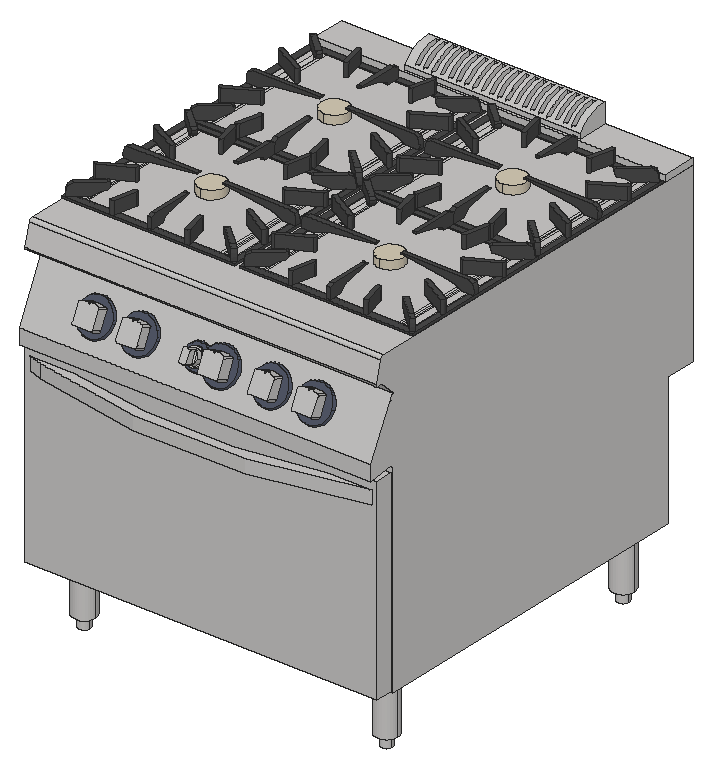
Revit family "QF_ZANUSSI_392005_Z9GCGH4SG0", category Specialty Equipment, Revit 2018 (continued)
Automatic sketch dimensions
  Blend 11 sketch curve to plane 21 = 79.075 mm  (x2)
  Extrusion 12 sketch curve to plane 21 = 56.075 mm
  Extrusion 12 sketch curve to Extrusion 12 sketch curve = 2.997 mm  (x3)
  Extrusion 12 sketch curve to Extrusion 12 sketch curve = 20.003 mm  (x2)
  Extrusion 12 sketch curve to Extrusion 12 sketch curve = 40.005 mm
  Extrusion 12 sketch curve to Extrusion 12 sketch curve = 5.399 mm
  Extrusion 12 sketch curve to Extrusion 12 sketch curve = 40.037 mm
  Extrusion 12 sketch curve to Extrusion 12 sketch curve = 0 mm  (x2)
  Extrusion 14 sketch curve to plane 21 = 61.575 mm
  Extrusion 14 sketch curve to Extrusion 14 sketch curve = 35 mm  (x2)
  Split face 2 sketch curve to Split face 2 sketch curve = 6 mm
  Split face 2 sketch curve to Split face 2 sketch curve = 10 mm
  Split face 3 sketch curve to Split face 3 sketch curve = 5 mm
  Split face 3 sketch curve to Split face 3 sketch curve = 9 mm
  Split face 6 sketch curve to Split face 6 sketch curve = 5 mm
  Split face 7 sketch curve to Split face 7 sketch curve = 5 mm
  Blend 15 sketch curve to plane 7 "Center Y" = 150.05 mm  (x2)
  Extrusion 16 sketch curve to plane 21 = 156.075 mm
  Extrusion 16 sketch curve to Extrusion 16 sketch curve = 2.997 mm  (x3)
  Extrusion 16 sketch curve to Extrusion 16 sketch curve = 20.003 mm  (x2)
  Extrusion 16 sketch curve to Extrusion 16 sketch curve = 40.005 mm
  Extrusion 16 sketch curve to Extrusion 16 sketch curve = 5.399 mm
  Extrusion 16 sketch curve to Extrusion 16 sketch curve = 40.037 mm
  Extrusion 16 sketch curve to Extrusion 16 sketch curve = 0 mm  (x2)
  Extrusion 17 sketch curve to plane 21 = 161.575 mm
  Extrusion 17 sketch curve to Extrusion 17 sketch curve = 35 mm  (x2)
  Split face 9 sketch curve to Split face 9 sketch curve = 6 mm
  Split face 9 sketch curve to Split face 9 sketch curve = 10 mm
  Split face 10 sketch curve to Split face 10 sketch curve = 5 mm
  Split face 10 sketch curve to Split face 10 sketch curve = 9 mm
  Split face 11 sketch curve to Split face 11 sketch curve = 5 mm
  Split face 12 sketch curve to Split face 12 sketch curve = 5 mm
  plane 5 "FRONT" to Extrusion 10 sketch curve = 0 mm  (x2)
  plane 1 "BACK" to Extrusion 10 sketch curve = 0 mm
  Extrusion 10 sketch curve to plane 3 "LEFT" = 0 mm
  Extrusion 10 sketch curve to plane 4 "RIGHT" = 0 mm
  Extrusion 10 sketch curve to plane 3 "LEFT" = 100.013 mm
  Extrusion 10 sketch curve to Extrusion 10 sketch curve = 100.013 mm
  Extrusion 10 sketch curve to plane 1 "BACK" = 100.013 mm
  plane 5 "FRONT" to curve 1 = 0 mm
  curve 169 to plane 3 "LEFT" = 0 mm
  curve 97 to plane 20 = 0 mm
  plane 5 "FRONT" to curve 186 = 0 mm
  plane 5 "FRONT" to curve 187 = 0 mm
  plane 5 "FRONT" to curve 188 = 0 mm
  plane 5 "FRONT" to curve 189 = 0 mm
  plane 5 "FRONT" to curve 190 = 0 mm
  plane 5 "FRONT" to curve 191 = 0 mm
  plane 5 "FRONT" to curve 192 = 0 mm
  plane 17 to curve 10 = 0 mm
  curve 5 to plane 4 "RIGHT" = 0 mm
  curve 2 to plane 3 "LEFT" = 100.013 mm
  plane 5 "FRONT" to curve 94 = 9.347 mm
  curve 94 to plane 21 = 56.075 mm
  curve 95 to curve 95 = 0.809 mm
  curve 98 to curve 98 = 1.583 mm
  curve 95 to curve 96 = 1.846 mm
  curve 95 to curve 109 = 2.189 mm
  curve 94 to curve 97 = 11.892 mm
  curve 100 to plane 20 = 5.671 mm
  curve 98 to curve 100 = 20.417 mm
  curve 99 to plane 21 = 78.206 mm
  curve 99 to curve 108 = 1.738 mm
  curve 100 to curve 101 = 2 mm
  curve 97 to curve 106 = 22.215 mm
  curve 101 to curve 109 = 19.003 mm
  curve 109 to curve 105 = 0.343 mm
  curve 105 to curve 107 = 1.071 mm
  curve 109 to curve 104 = 2.189 mm
  curve 104 to curve 103 = 0.809 mm
  plane 11 to curve 12 = 11.113 mm
  curve 12 to plane 21 = 129.075 mm
  plane 1 "BACK" to curve 93 = 6.761 mm
  curve 11 to curve 93 = 20.698 mm
  plane 5 "FRONT" to curve 110 = 9.347 mm
  curve 103 to curve 110 = 54 mm
  curve 111 to curve 111 = 0.809 mm
  curve 114 to curve 114 = 1.583 mm
  curve 111 to curve 112 = 1.846 mm
  curve 91 to curve 91 = 9.296 mm
  curve 111 to curve 125 = 2.189 mm
  curve 110 to curve 113 = 11.892 mm
  curve 90 to curve 89 = 9.397 mm
  curve 87 to curve 87 = 9.296 mm
  curve 117 to plane 20 = 5.671 mm
  curve 114 to curve 117 = 20.417 mm
  curve 112 to curve 115 = 19.134 mm
  curve 115 to curve 124 = 1.738 mm
  curve 116 to curve 117 = 2 mm
  curve 86 to curve 85 = 9.397 mm
  curve 113 to curve 122 = 22.215 mm
  curve 84 to curve 85 = 9.296 mm
  curve 117 to curve 125 = 19.003 mm
  curve 125 to curve 121 = 0.343 mm
  curve 121 to curve 123 = 1.071 mm
  curve 125 to curve 120 = 2.189 mm
  curve 120 to curve 119 = 0.809 mm
  curve 82 to curve 79 = 9.397 mm
  curve 80 to curve 78 = 9.296 mm
  curve 78 to curve 75 = 9.397 mm
  curve 76 to curve 74 = 9.296 mm
  curve 74 to curve 71 = 9.397 mm
  curve 72 to curve 70 = 9.296 mm
  curve 70 to curve 68 = 9.397 mm
  curve 67 to curve 67 = 9.296 mm
  curve 66 to curve 63 = 9.397 mm
  curve 63 to curve 63 = 9.296 mm
  curve 62 to curve 59 = 9.397 mm
  curve 167 to plane 20 = 1.14 mm
  curve 167 to plane 7 "Center Y" = 29.723 mm
  curve 60 to curve 61 = 9.296 mm
  curve 58 to curve 56 = 9.397 mm
  curve 168 to plane 20 = 1.14 mm
  curve 168 to plane 7 "Center Y" = 10.379 mm
  curve 57 to plane 7 "Center Y" = 1.823 mm
  plane 7 "Center Y" to curve 52 = 7.574 mm
  plane 7 "Center Y" to curve 126 = 11.95 mm
  curve 126 to curve 127 = 0.809 mm
  curve 130 to curve 130 = 1.583 mm
  curve 127 to curve 128 = 1.846 mm
  curve 127 to curve 141 = 2.189 mm
  curve 52 to curve 53 = 9.296 mm
  plane 7 "Center Y" to curve 129 = 23.842 mm
  curve 50 to curve 47 = 9.397 mm
  curve 133 to plane 20 = 5.671 mm
  curve 130 to curve 133 = 20.417 mm
  plane 7 "Center Y" to curve 131 = 34.081 mm
  curve 47 to curve 46 = 9.296 mm
  curve 131 to curve 140 = 1.738 mm
  curve 132 to curve 133 = 2 mm
  curve 46 to curve 45 = 9.397 mm
  curve 129 to curve 138 = 22.215 mm
  curve 43 to curve 42 = 9.296 mm
  curve 133 to curve 141 = 19.003 mm
  curve 137 to curve 137 = 0.343 mm
  curve 137 to curve 139 = 1.071 mm
  curve 141 to curve 136 = 2.189 mm
  curve 136 to curve 135 = 0.809 mm
  curve 42 to curve 41 = 9.397 mm
  curve 40 to curve 38 = 9.296 mm
  curve 38 to curve 36 = 9.397 mm
  curve 35 to curve 34 = 9.296 mm
  curve 34 to curve 33 = 9.397 mm
  curve 32 to curve 30 = 9.296 mm
  curve 30 to curve 28 = 9.397 mm
  plane 5 "FRONT" to curve 170 = 9.347 mm
  curve 135 to curve 170 = 69.1 mm
  curve 170 to curve 171 = 0.809 mm
  curve 174 to curve 174 = 1.583 mm
  curve 27 to curve 27 = 9.296 mm
  curve 171 to curve 172 = 1.846 mm
  curve 171 to curve 185 = 2.189 mm
  curve 26 to curve 24 = 9.397 mm
  curve 170 to curve 173 = 11.892 mm
  curve 23 to curve 23 = 9.296 mm
  curve 176 to plane 20 = 5.671 mm
  curve 174 to curve 176 = 20.417 mm
  curve 172 to curve 175 = 19.134 mm
  curve 175 to curve 184 = 1.738 mm
  curve 176 to curve 177 = 2 mm
  curve 22 to curve 19 = 9.397 mm
  curve 173 to curve 182 = 22.215 mm
  curve 20 to curve 21 = 9.296 mm
  curve 177 to curve 185 = 19.003 mm
  curve 185 to curve 181 = 0.343 mm
  curve 181 to curve 183 = 1.071 mm
  curve 185 to curve 180 = 2.189 mm
  curve 180 to curve 179 = 0.809 mm
  curve 18 to curve 16 = 9.397 mm
  curve 16 to curve 14 = 9.296 mm
  curve 14 to curve 12 = 14.847 mm
  plane 5 "FRONT" to curve 142 = 9.347 mm
  curve 179 to curve 142 = 53.897 mm
  curve 142 to curve 143 = 0.809 mm
  curve 146 to curve 146 = 1.583 mm
  curve 143 to curve 144 = 1.846 mm
  curve 143 to curve 157 = 2.189 mm
  curve 142 to curve 145 = 11.892 mm
  curve 148 to plane 20 = 5.671 mm
  curve 146 to curve 148 = 20.417 mm
  curve 157 to curve 147 = 19.134 mm
  curve 147 to curve 156 = 1.738 mm
  curve 148 to curve 150 = 2 mm
  curve 145 to curve 154 = 22.215 mm
  curve 149 to curve 157 = 19.003 mm
  curve 153 to curve 153 = 0.343 mm
  curve 153 to curve 155 = 1.071 mm
  curve 157 to curve 152 = 2.189 mm
  curve 152 to curve 151 = 0.809 mm
  plane 4 "RIGHT" to curve 10 = 0.1 mm
  curve 2 to plane 4 "RIGHT" = 100.013 mm
  curve 156 to curve 143 = 88.173 mm
  curve 147 to curve 156 = 0 mm
  curve 124 to curve 111 = 88.173 mm
  plane 5 "FRONT" to curve 140 = 97.519 mm
  curve 131 to curve 140 = 0 mm
  curve 115 to curve 124 = 0 mm
  curve 99 to curve 95 = 88.173 mm
  curve 184 to curve 171 = 88.173 mm
  curve 99 to curve 108 = 0 mm
  curve 175 to curve 184 = 0 mm
  plane 5 "FRONT" to curve 109 = 10.68 mm
  plane 5 "FRONT" to curve 141 = 10.68 mm
  curve 125 to curve 111 = 1.333 mm
  plane 5 "FRONT" to curve 185 = 10.68 mm
  plane 5 "FRONT" to curve 157 = 10.68 mm
  curve 157 to curve 151 = 1.333 mm
  curve 125 to curve 119 = 1.333 mm
  curve 185 to curve 179 = 1.333 mm
  curve 141 to curve 136 = 1.333 mm
  curve 141 to curve 127 = 1.333 mm
  curve 109 to curve 104 = 1.333 mm
  curve 127 to curve 128 = 2.779 mm
  curve 136 to curve 137 = 2.779 mm
  curve 143 to curve 144 = 2.779 mm
  curve 152 to curve 153 = 2.779 mm
  curve 171 to curve 172 = 2.779 mm
  curve 111 to curve 112 = 2.779 mm
  curve 180 to curve 181 = 2.779 mm
  curve 95 to curve 96 = 2.779 mm
  curve 104 to curve 105 = 2.779 mm
  curve 120 to curve 121 = 2.779 mm
  curve 123 to plane 20 = 7.106 mm
  curve 130 to plane 20 = 7.106 mm
  curve 183 to plane 20 = 7.106 mm
  curve 139 to plane 20 = 7.106 mm
  curve 114 to plane 20 = 7.106 mm
  curve 98 to plane 20 = 7.106 mm
  curve 107 to plane 20 = 7.106 mm
  curve 146 to plane 20 = 7.106 mm
  curve 155 to plane 20 = 7.106 mm
  curve 174 to plane 20 = 7.106 mm
  plane 20 to curve 145 = 36.239 mm
  plane 20 to curve 122 = 36.239 mm
  plane 20 to curve 106 = 36.239 mm
  curve 145 to curve 154 = 0 mm
  curve 113 to curve 122 = 0 mm
  plane 20 to curve 182 = 36.239 mm
  curve 97 to curve 106 = 0 mm
  plane 20 to curve 129 = 36.239 mm
  curve 173 to curve 182 = 0 mm
  curve 129 to curve 138 = 0 mm
  plane 11 to curve 70 = 17.052 mm
  plane 11 to curve 55 = 17.052 mm
  plane 11 to curve 82 = 17.052 mm
  plane 11 to curve 43 = 17.052 mm
  curve 58 to curve 55 = 0 mm
  curve 82 to curve 80 = 0 mm
  curve 42 to curve 40 = 0 mm
  curve 12 to curve 14 = 5.939 mm
  curve 62 to curve 59 = 0 mm
  plane 11 to curve 92 = 17.052 mm
  curve 38 to curve 36 = 0 mm
  curve 18 to curve 15 = 0 mm
  curve 78 to curve 76 = 0 mm
  curve 46 to curve 43 = 0 mm
  curve 54 to curve 52 = 0 mm
  curve 34 to curve 32 = 0 mm
  curve 66 to curve 63 = 0 mm
  curve 22 to curve 19 = 0 mm
  curve 90 to curve 88 = 0 mm
  curve 30 to curve 28 = 0 mm
  plane 1 "BACK" to curve 70 = 6.761 mm
  plane 1 "BACK" to curve 26 = 6.761 mm
  plane 1 "BACK" to curve 69 = 6.761 mm
  plane 1 "BACK" to curve 49 = 6.761 mm
  plane 1 "BACK" to curve 86 = 6.761 mm
  plane 1 "BACK" to curve 25 = 6.761 mm
  plane 1 "BACK" to curve 30 = 6.761 mm
  plane 1 "BACK" to curve 50 = 6.761 mm
  plane 1 "BACK" to curve 65 = 6.761 mm
  plane 1 "BACK" to curve 74 = 6.761 mm
  plane 1 "BACK" to curve 21 = 6.761 mm
  plane 1 "BACK" to curve 45 = 6.761 mm
  plane 1 "BACK" to curve 17 = 6.761 mm
  plane 1 "BACK" to curve 78 = 6.761 mm
  plane 1 "BACK" to curve 85 = 6.761 mm
  plane 1 "BACK" to curve 36 = 6.761 mm
  plane 1 "BACK" to curve 61 = 6.761 mm
  plane 1 "BACK" to curve 38 = 6.761 mm
  plane 1 "BACK" to curve 57 = 6.761 mm
  curve 1 to plane 1 "BACK" = 100.013 mm
  curve 97 to curve 94 = 9.809 mm
  curve 99 to curve 98 = 0.284 mm
  curve 107 to curve 107 = 0.284 mm
  curve 103 to curve 106 = 9.809 mm
  curve 113 to curve 110 = 9.809 mm
  curve 114 to curve 114 = 0.284 mm
  curve 123 to curve 124 = 0.284 mm
  curve 119 to curve 122 = 9.809 mm
  curve 167 to curve 167 = 1.229 mm
  curve 167 to curve 188 = 1.675 mm
  curve 167 to plane 20 = 1.224 mm
  curve 189 to plane 7 "Center Y" = 12.097 mm
  curve 168 to curve 168 = 1.675 mm
  curve 168 to curve 168 = 0.445 mm
  plane 7 "Center Y" to curve 129 = 2.141 mm
  curve 131 to curve 130 = 0.284 mm
  curve 139 to curve 139 = 0.284 mm
  curve 135 to curve 138 = 9.809 mm
  curve 173 to curve 170 = 9.809 mm
  curve 175 to curve 174 = 0.284 mm
  curve 183 to curve 183 = 0.284 mm
  curve 179 to curve 182 = 9.809 mm
  curve 145 to curve 142 = 9.809 mm
  curve 147 to curve 146 = 0.284 mm
  curve 155 to curve 155 = 0.284 mm
  curve 151 to curve 154 = 9.809 mm
  curve 3 to plane 5 "FRONT" = 0.396 mm
  curve 10 to plane 5 "FRONT" = 1.275 mm
  curve 107 to curve 107 = 0.567 mm
  curve 183 to curve 183 = 0.567 mm
  curve 174 to curve 174 = 0.567 mm
  curve 98 to curve 98 = 0.567 mm
  curve 114 to curve 114 = 0.567 mm
  curve 139 to curve 139 = 0.567 mm
  curve 123 to curve 123 = 0.567 mm
  curve 155 to curve 155 = 0.567 mm
  curve 146 to curve 146 = 0.567 mm
  curve 130 to curve 130 = 0.567 mm
  plane 11 to curve 7 = 4.762 mm
  curve 13 to curve 12 = 3.676 mm
  Extrusion 33 sketch curve to plane 20 = 0 mm
  Extrusion 33 sketch curve to plane 17 = 0.028 mm
  plane 9 to Extrusion 33 sketch curve = 6.461 mm
  plane 20 to Extrusion 33 sketch curve = 36.025 mm
  plane 9 to Extrusion 33 sketch curve = 5 mm
  Extrusion 34 sketch curve to Extrusion 34 sketch curve = 0 mm  (x6)
  Extrusion 34 sketch curve to plane 20 = 0 mm  (x2)
  plane 4 "RIGHT" to Extrusion 34 sketch curve = 10.1 mm
  Extrusion 34 sketch curve to plane 19 = 47.705 mm
  Extrusion 34 sketch curve to plane 7 "Center Y" = 0.05 mm
  Extrusion 34 sketch curve to plane 1 "BACK" = 337.5 mm
  Extrusion 34 sketch curve to plane 5 "FRONT" = 4.65 mm
  curve 193 to plane 1 "BACK" = 337.5 mm
  curve 193 to plane 13 = 5.252 mm
  curve 193 to curve 194 = 0 mm  (x2)
  curve 194 to plane 7 "Center Y" = 0.05 mm
  curve 111 to curve 194 = 1.161 mm
  curve 112 to curve 195 = 16.272 mm
  curve 179 to curve 196 = 1.175 mm
  Extrusion 1 sketch curve to plane 5 "FRONT" = 0 mm
  Extrusion 1 sketch curve to plane 20 = 0 mm
  Extrusion 1 sketch curve to plane 1 "BACK" = 0 mm
  plane 20 to Extrusion 1 sketch curve = 0.116 mm
  plane 20 to Extrusion 1 sketch curve = 3 mm
  plane 20 to Extrusion 1 sketch curve = 13.167 mm
  Extrusion 1 sketch curve to Extrusion 1 sketch curve = 10.198 mm
  Extrusion 1 sketch curve to plane 12 = 0.775 mm
  Extrusion 1 sketch curve to Extrusion 1 sketch curve = 7.474 mm
  plane 20 to Extrusion 1 sketch curve = 40 mm
  Extrusion 1 sketch curve to Extrusion 1 sketch curve = 1.355 mm
  Extrusion 1 sketch curve to Extrusion 1 sketch curve = 0.445 mm
  Extrusion 1 sketch curve to Extrusion 1 sketch curve = 5 mm
  Extrusion 1 sketch curve to Extrusion 1 sketch curve = 31.82 mm  (x2)
  plane 9 to Extrusion 1 sketch curve = 5 mm
  Extrusion 1 sketch curve to Extrusion 1 sketch curve = 242.526 mm
  Extrusion 1 sketch curve to Extrusion 1 sketch curve = 5.508 mm
  Extrusion 1 sketch curve to Extrusion 1 sketch curve = 10.259 mm
  Extrusion 1 sketch curve to Extrusion 1 sketch curve = 35 mm
  Extrusion 1 sketch curve to Extrusion 1 sketch curve = 81.162 mm
  Extrusion 1 sketch curve to Extrusion 1 sketch curve = 3 mm
  plane 11 to Extrusion 1 sketch curve = 9.963 mm
  plane 9 to Extrusion 1 sketch curve = 300 mm
  Extrusion 1 sketch curve to plane 9 = 0 mm
  curve 193 to curve 195 = 0 mm  (x2)
  curve 193 to curve 196 = 0 mm  (x2)
  radius of Blend 19 sketch curve = 42.5 mm
  radius of Blend 19 sketch curve = 40.5 mm
  radius of Split face 17 sketch curve = 3 mm
  radius of Split face 20 sketch curve = 1.5 mm
  radius of Split face 21 sketch curve = 3.497 mm
  radius of Split face 24 sketch curve = 2.029 mm
  radius of Blend 23 sketch curve = 42.5 mm
  radius of Blend 23 sketch curve = 40.5 mm
  radius of Split face 29 sketch curve = 2.029 mm
  radius of Split face 30 sketch curve = 3 mm
  radius of Split face 31 sketch curve = 1.5 mm
  radius of Split face 32 sketch curve = 3.497 mm
  radius of Extrusion 28 sketch curve = 20 mm
  radius of Split face 33 sketch curve = 1 mm
  radius of Split face 34 sketch curve = 1 mm
  radius of Split face 35 sketch curve = 1 mm
  radius of Split face 36 sketch curve = 1 mm
  radius of Split face 37 sketch curve = 1 mm
  radius of Split face 38 sketch curve = 1 mm
  radius of Split face 39 sketch curve = 1 mm
  radius of Split face 40 sketch curve = 1 mm
  radius of Split face 41 sketch curve = 1 mm
  radius of Split face 42 sketch curve = 1 mm
  radius of Split face 43 sketch curve = 1 mm
  radius of Split face 44 sketch curve = 1 mm
  radius of Split face 45 sketch curve = 1 mm
  radius of Split face 46 sketch curve = 1 mm
  radius of Split face 47 sketch curve = 1 mm
  radius of Split face 48 sketch curve = 1 mm
  radius of Split face 49 sketch curve = 1 mm
  radius of Split face 50 sketch curve = 1 mm
  radius of Split face 51 sketch curve = 1 mm
  radius of Split face 52 sketch curve = 1 mm
  radius of Split face 53 sketch curve = 1 mm
  radius of Split face 54 sketch curve = 1 mm
  radius of Split face 55 sketch curve = 1 mm
  radius of Split face 56 sketch curve = 1 mm
  radius of Split face 57 sketch curve = 1.508 mm
  radius of Split face 58 sketch curve = 1.343 mm
  radius of Extrusion 31 sketch curve = 16 mm
  radius of Blend 11 sketch curve = 42.5 mm
  radius of Blend 11 sketch curve = 40.5 mm
  radius of Split face 1 sketch curve = 3 mm
  radius of Split face 4 sketch curve = 1.5 mm
  radius of Split face 5 sketch curve = 3.497 mm
  radius of Split face 8 sketch curve = 2.029 mm
  radius of Blend 15 sketch curve = 42.5 mm
  radius of Blend 15 sketch curve = 40.5 mm
  radius of Split face 13 sketch curve = 2.029 mm
  radius of Split face 14 sketch curve = 3 mm
  radius of Split face 15 sketch curve = 1.5 mm
  radius of Split face 16 sketch curve = 3.497 mm
  radius of Extrusion 9 sketch curve = 6.4 mm  (x2)
Nested families
  nested 1: "QF_392005_BURNER" at (393.7, -440.481, 0) x (-1, 0, 0) z (0, 0, 1), type "QF_392005_BURNER"
    with Type Mark "", Status "", Specification by User "", Revision Code "", Item Number "", Installed By "", Identify Quantity as Lot yes, Furnished By "", Foodservice Equipment Identifier yes
  nested 2: "QF_392005_BURNER" at (393.7, -440.481, 0) x (-1, 0, 0) z (0, 0, 1), type "QF_392005_BURNER"
    with Type Mark "", Status "", Specification by User "", Revision Code "", Item Number "", Installed By "", Identify Quantity as Lot yes, Furnished By "", Foodservice Equipment Identifier yes
  nested 3: "QF_392005_BURNER" at (406.4, -440.481, 0), type "QF_392005_BURNER"
    with Type Mark "", Status "", Specification by User "", Revision Code "", Item Number "", Installed By "", Identify Quantity as Lot yes, Furnished By "", Foodservice Equipment Identifier yes
  nested 4: "QF_392005_BURNER" at (406.4, -440.481, 0), type "QF_392005_BURNER"
    with Type Mark "", Status "", Specification by User "", Revision Code "", Item Number "", Installed By "", Identify Quantity as Lot yes, Furnished By "", Foodservice Equipment Identifier yes
Connectors
  piping at (749.3, -665.163, 128.587), diameter 12.8
    settings: on Extrusion 9, index 1, connector inside diameter 0.50394", connector length 0 mm, flow factor 0, pipe flow 0 GPM, pressure drop 0.00 psi, fitting loss kfactor 0, connector angle 0.00°, fixture units 0, engagement length 0 mm, angle of deflection 0.00°, flow configuration 1, flow direction 1, fitting loss method 0, system type 7, joint type 0, gender type 0, connector reference index -1, connector utility 0, adjustable connector no, is connector primary yes, connector description "GAS CONNECTION"
Definition of nested family "QF_392005_BURNER"
  Parameters
    Weight in Pounds = 0
    URL Cutsheet = ""
    URL = "www.electrolux.com"
    Type Mark [instance] = ""
    Status [instance] = ""
    Specification by User [instance] = ""
    Specification by Manufacturer = ""
    Show Clearance [instance] = yes
    Serial Number = ""
    Seismic Rating = ""
    SMACNA No = ""
    Revision Code [instance] = ""
    Omniclass Number and Title = ""
    NAFEM Spec ID Number = ""
    Model = "371009"
    Masterspec = ""
    Manufacturer = "ELECTROLUX"
    Item Number [instance] = ""
    Installed By [instance] = ""
    Identify Quantity as Lot [instance] = yes
    Furnished By [instance] = ""
    Foodservice Equipment Identifier [instance] = yes
    Description = ""
    CSI MasterFormat = ""
    CSI Master Format = ""
  Reference planes
    plane 1 "BACK": y = 0
    plane 2: z = 0
    plane 3 "LEFT": x = 0
    plane 4 "RIGHT": x = 393.7
    plane 5 "FRONT": y = -355.6
    plane 6 "TOP": z = 908.85
    plane 7 "Center Y": x = 196.85
    plane 8 "Center X": y = -177.8
    plane 9 "Base": z = 150
    plane 10: z = 850.85
  Forms (mm)
    Extrusion 1, solid
      sketch origin (-6.433, -404.961, 5) x (1, 0, 0) y (0, 0, -1)
        loop
          arc (7.142, -850.85) -> (6.739, -862.989) -> (9.761, -874.752) r 42.809
          line (9.761, -874.752) -> (19.961, -879.425) -> (173.122, -879.425)
          arc (173.122, -879.425) -> (174.316, -878.312) -> (173.289, -877.043) r 1.197
          line (173.289, -877.043) -> (64.848, -864.021)
          arc (64.848, -864.021) -> (50.111, -858.738) -> (36.589, -850.85) r 85.245
          line (36.589, -850.85) -> (7.142, -850.85)
        loop
          line (399.424, -850.85) -> (369.977, -850.85)
          arc (369.977, -850.85) -> (356.455, -858.738) -> (341.718, -864.021) r 85.245
          line (341.718, -864.021) -> (233.277, -877.043)
          arc (233.277, -877.043) -> (232.25, -878.312) -> (233.444, -879.425) r 1.197
          line (233.444, -879.425) -> (386.605, -879.425) -> (396.806, -874.752)
          arc (396.806, -874.752) -> (399.827, -862.989) -> (399.424, -850.85) r 42.809
      from 224.564 to 234.564
    Extrusion 2, solid
      sketch origin (196.85, 175.397, 1219.2) x (0, 1, 0) y (0, 0, 1)
        loop
          line (-204.463, -363.35) -> (-175.397, -363.35) -> (-175.397, -339.506)
          arc (-175.397, -339.506) -> (-181.025, -338.266) -> (-185.611, -334.775) r 13.39
          line (-185.611, -334.775) -> (-278.903, -334.775)
          arc (-278.903, -334.775) -> (-280.097, -335.888) -> (-279.07, -337.157) r 1.197
          line (-279.07, -337.157) -> (-227.151, -347.464)
          arc (-227.151, -347.464) -> (-213.741, -352.457) -> (-204.463, -363.35) r 28.426
        loop
          arc (-496.332, -363.35) -> (-487.053, -352.457) -> (-473.644, -347.464) r 28.426
          line (-473.644, -347.464) -> (-421.725, -337.157)
          arc (-421.725, -337.157) -> (-420.697, -335.888) -> (-421.891, -334.775) r 1.197
          line (-421.891, -334.775) -> (-515.184, -334.775)
          arc (-515.184, -334.775) -> (-519.769, -338.266) -> (-525.397, -339.506) r 13.39
          line (-525.397, -339.506) -> (-525.397, -363.35) -> (-496.332, -363.35)
      from -5 to 5
    Extrusion 3, solid
      sketch origin (-6.433, 367.064, 850.85) x (0, -1, 0) y (1, 0, 0)
        loop
          line (722.664, 6.433) -> (722.664, 400.133) -> (367.064, 400.133) -> (367.064, 6.433) -> (722.664, 6.433)
        loop
          line (382.064, 21.433) -> (707.664, 21.433) -> (707.664, 385.133) -> (382.064, 385.133) -> (382.064, 21.433)
      from 0 to 5
    Extrusion 4, solid
      sketch origin (-18.933, 367.064, 855.85) x (0, -1, 0) y (1, 0, 0)
        loop
          circle (541.667, 215.783) r 30
      from -1.321 to 17.134
    Extrusion 5, solid
      sketch origin (-6.433, -367.064, 0) x (1, 0, 0) y (0, 0, -1)
        loop
          line (21.433, -855.85) -> (36.589, -855.85)
          arc (36.589, -855.85) -> (40.561, -855.243) -> (44.305, -853.783) r 18.259
          arc (44.305, -853.783) -> (45.997, -853.366) -> (47.69, -853.783) r 3.649
          arc (47.69, -853.783) -> (49.901, -854.522) -> (52.232, -854.529) r 7.328
          line (52.232, -854.529) -> (354.334, -854.529)
          arc (354.334, -854.529) -> (356.666, -854.522) -> (358.877, -853.783) r 7.328
          arc (358.877, -853.783) -> (360.569, -853.366) -> (362.261, -853.783) r 3.649
          arc (362.261, -853.783) -> (366.005, -855.243) -> (369.977, -855.85) r 18.259
          line (369.977, -855.85) -> (385.133, -855.85) -> (385.133, -850.85) -> (21.433, -850.85) -> (21.433, -855.85)
      from 26.464 to 352.064
    Extrusion 6, solid
      sketch origin (83.284, -458.334, 5) x (0.742103, 0.670286, 0) y (0, 0, -1)
        loop
          arc (88.629, -864.012) -> (73.909, -858.731) -> (60.402, -850.85) r 85.245
          line (60.402, -850.85) -> (14.993, -850.85)
          arc (14.993, -850.85) -> (14.642, -862.948) -> (17.686, -874.663) r 42.876
          line (17.686, -874.663) -> (27.899, -879.425) -> (89.664, -879.425)
          arc (89.664, -879.425) -> (92.39, -878.352) -> (93.654, -875.709) r 4
          arc (93.654, -875.709) -> (92.562, -869.25) -> (88.629, -864.012) r 13.87
        loop
          arc (457.638, -864.012) -> (453.704, -869.25) -> (452.613, -875.709) r 13.87
          arc (452.613, -875.709) -> (453.876, -878.352) -> (456.603, -879.425) r 4
          line (456.603, -879.425) -> (518.367, -879.425) -> (528.581, -874.663)
          arc (528.581, -874.663) -> (531.624, -862.948) -> (531.273, -850.85) r 42.876
          line (531.273, -850.85) -> (485.865, -850.85)
          arc (485.865, -850.85) -> (472.357, -858.731) -> (457.638, -864.012) r 85.245
      from 127.064 to 137.064
    Extrusion 7, solid
      sketch origin (310.416, -458.334, 5) x (-0.742103, 0.670286, 0) y (0, 0, 1)
        loop
          arc (88.629, 864.012) -> (92.562, 869.25) -> (93.654, 875.709) r 13.87
          arc (93.654, 875.709) -> (92.39, 878.352) -> (89.664, 879.425) r 4
          line (89.664, 879.425) -> (27.899, 879.425) -> (17.686, 874.663)
          arc (17.686, 874.663) -> (14.642, 862.948) -> (14.993, 850.85) r 42.876
          line (14.993, 850.85) -> (60.402, 850.85)
          arc (60.402, 850.85) -> (73.909, 858.731) -> (88.629, 864.012) r 85.245
        loop
          arc (457.638, 864.012) -> (472.357, 858.731) -> (485.865, 850.85) r 85.245
          line (485.865, 850.85) -> (531.273, 850.85)
          arc (531.273, 850.85) -> (531.624, 862.948) -> (528.581, 874.663) r 42.876
          line (528.581, 874.663) -> (518.367, 879.425) -> (456.603, 879.425)
          arc (456.603, 879.425) -> (453.876, 878.352) -> (452.613, 875.709) r 4
          arc (452.613, 875.709) -> (453.704, 869.25) -> (457.638, 864.012) r 13.87
      from 127.064 to 137.064
    Extrusion 8, solid
      sketch origin (-6.433, 367.064, 855.85) x (0, -1, 0) y (1, 0, 0)
        loop
          arc (626.166, 9.428) -> (632.956, 7.454) -> (634.93, 14.244) r 5
          line (634.93, 14.244) -> (600.514, 76.878)
          arc (600.514, 76.878) -> (593.724, 78.852) -> (591.75, 72.062) r 5
          line (591.75, 72.062) -> (626.166, 9.428)
        loop
          line (463.562, 9.428) -> (497.977, 72.062)
          arc (497.977, 72.062) -> (496.003, 78.852) -> (489.213, 76.878) r 5
          line (489.213, 76.878) -> (454.798, 14.244)
          arc (454.798, 14.244) -> (456.772, 7.454) -> (463.562, 9.428) r 5
        loop
          line (626.166, 397.138) -> (591.75, 334.504)
          arc (591.75, 334.504) -> (593.724, 327.714) -> (600.514, 329.689) r 5
          line (600.514, 329.689) -> (634.93, 392.323)
          arc (634.93, 392.323) -> (632.956, 399.113) -> (626.166, 397.138) r 5
        loop
          arc (463.562, 397.138) -> (456.772, 399.113) -> (454.798, 392.323) r 5
          line (454.798, 392.323) -> (489.213, 329.689)
          arc (489.213, 329.689) -> (496.003, 327.714) -> (497.977, 334.504) r 5
          line (497.977, 334.504) -> (463.562, 397.138)
        loop
          line (715.14, 293.499) -> (666.703, 282.317)
          arc (666.703, 282.317) -> (662.956, 276.32) -> (668.953, 272.573) r 5
          line (668.953, 272.573) -> (717.389, 283.756)
          arc (717.389, 283.756) -> (721.136, 289.752) -> (715.14, 293.499) r 5
        loop
          arc (715.14, 113.067) -> (721.136, 116.814) -> (717.389, 122.811) r 5
          line (717.389, 122.811) -> (668.953, 133.993)
          arc (668.953, 133.993) -> (662.956, 130.246) -> (666.703, 124.249) r 5
          line (666.703, 124.249) -> (715.14, 113.067)
        loop
          arc (374.588, 293.499) -> (368.591, 289.752) -> (372.338, 283.756) r 5
          line (372.338, 283.756) -> (420.775, 272.573)
          arc (420.775, 272.573) -> (426.771, 276.32) -> (423.024, 282.317) r 5
          line (423.024, 282.317) -> (374.588, 293.499)
        loop
          line (374.588, 113.067) -> (423.024, 124.249)
          arc (423.024, 124.249) -> (426.771, 130.246) -> (420.775, 133.993) r 5
          line (420.775, 133.993) -> (372.338, 122.811)
          arc (372.338, 122.811) -> (368.591, 116.814) -> (374.588, 113.067) r 5
      from 0 to 28.575
  Lines and regions (mm)
    symbolic lines
      curve 1: line (0, -355.6, 150) -> (393.7, -355.6, 150)
      curve 2: line (0, 0, 150) -> (0, -355.6, 150)
      curve 3: line (393.7, -355.6, 150) -> (393.7, 0, 150)
      curve 4: line (369.633, -15, 150) -> (285.34, -15, 150)
      curve 5: line (24.067, -340.6, 150) -> (108.36, -340.6, 150)
      curve 6: line (157.475, -170.397, 150) -> (157.475, -15, 150)
      curve 7: line (236.225, -170.397, 150) -> (236.225, -15, 150)
      curve 8: line (201.85, -350, 150) -> (201.85, -176.674, 150)
      curve 9: line (0, -180.397, 150) -> (167.224, -180.397, 150)
      curve 10: line (393.7, -170.397, 150) -> (228.275, -170.397, 150)
      curve 11: line (15, -180.397, 150) -> (15, -252.506, 150)
      curve 12: line (45.799, -340.6, 150) -> (45.799, -320.971, 150)
      curve 13: line (167.224, -170.397, 150) -> (0, -170.397, 150)
      curve 14: line (228.275, -180.504, 150) -> (393.7, -180.504, 150)
      curve 15: arc (228.275, -170.397, 150) -> (223.221, -175.45, 150) -> (228.275, -180.504, 150) r 5.054
      curve 16: arc (167.224, -170.397, 150) -> (172.224, -175.397, 150) -> (167.224, -180.397, 150) r 5
      curve 17: line (191.85, -176.674, 150) -> (191.85, -350, 150)
      curve 18: line (201.85, -134.556, 150) -> (201.85, -0.794, 150)
      curve 19: arc (201.85, -176.674, 150) -> (196.85, -171.674, 150) -> (191.85, -176.674, 150) r 5
      curve 20: arc (201.85, -134.556, 150) -> (196.85, -139.556, 150) -> (191.85, -134.556, 150) r 5
      curve 21: line (191.85, -15, 150) -> (118.623, -15, 150)
      curve 22: arc (201.85, -29.042, 150) -> (213.272, -50.008, 150) -> (201.85, -70.973, 150) r 24.953
      curve 23: arc (213.086, -53.048, 150) -> (214.5, -50.008, 150) -> (213.086, -46.967, 150) r 3.975
      curve 24: arc (191.85, -29.852, 150) -> (181.339, -50.008, 150) -> (191.85, -70.163, 150) r 24.58
      curve 25: arc (181.527, -53.042, 150) -> (179.976, -50.008, 150) -> (181.527, -46.973, 150) r 3.745
      curve 26: line (191.85, -0.794, 150) -> (191.85, -134.556, 150)
      curve 27: line (191.85, -350, 150) -> (201.85, -350, 150)
      curve 28: line (191.85, -11.007, 150) -> (201.85, -11.007, 150)
      curve 29: line (191.85, -0.794, 150) -> (201.85, -0.794, 150)
      curve 30: line (201.85, -340.6, 150) -> (275.077, -340.6, 150)
      curve 31: arc (196.85, -145.397, 0) -> (166.955, -172.888, 0) -> (191.85, -204.977, 0) r 30
      curve 32: arc (201.85, -204.977, 0) -> (226.745, -172.888, 0) -> (196.85, -145.397, 0) r 30
      curve 33: arc (158.678, -180.397, 0) -> (170.734, -200.207, 0) -> (191.85, -209.795, 0) r 39.375
      curve 34: line (163.825, -170.397, 150) -> (163.825, -15, 150)
      curve 35: line (229.875, -170.397, 150) -> (229.875, -15, 150)
      curve 36: line (144.775, -170.397, 150) -> (144.775, -15, 150)
      curve 37: line (248.925, -170.397, 150) -> (248.925, -15, 150)
      curve 38: arc (145.678, -180.397, 0) -> (161.728, -209.187, 0) -> (191.85, -222.573, 0) r 52.075
      curve 39: arc (201.85, -209.795, 0) -> (222.966, -200.207, 0) -> (235.022, -180.397, 0) r 39.375
      curve 40: arc (201.85, -222.573, 0) -> (231.931, -209.224, 0) -> (248.001, -180.504, 0) r 52.075
      curve 41: line (393.7, 0, 0) -> (0, 0, 0)
      curve 42: line (70.445, -122.149, 0) -> (7.81, -87.734, 0)
      curve 43: arc (7.81, -87.734, 0) -> (1.021, -89.708, 0) -> (2.995, -96.498, 0) r 5
      curve 44: line (2.995, -96.498, 0) -> (65.629, -130.914, 0)
      curve 45: arc (65.629, -130.914, 0) -> (72.419, -128.939, 0) -> (70.445, -122.149, 0) r 5
      curve 46: line (65.629, -224.686, 0) -> (2.995, -259.102, 0)
      curve 47: arc (2.995, -259.102, 0) -> (1.021, -265.892, 0) -> (7.81, -267.866, 0) r 5
      curve 48: line (7.81, -267.866, 0) -> (70.445, -233.451, 0)
      curve 49: arc (70.445, -233.451, 0) -> (72.419, -226.661, 0) -> (65.629, -224.686, 0) r 5
      curve 50: line (323.255, -122.149, 0) -> (385.89, -87.734, 0)
      curve 51: arc (385.89, -87.734, 0) -> (392.679, -89.708, 0) -> (390.705, -96.498, 0) r 5
      curve 52: line (390.705, -96.498, 0) -> (328.071, -130.914, 0)
      curve 53: arc (328.071, -130.914, 0) -> (321.281, -128.939, 0) -> (323.255, -122.149, 0) r 5
      curve 54: line (328.071, -224.686, 0) -> (390.705, -259.102, 0)
      curve 55: arc (390.705, -259.102, 0) -> (392.679, -265.892, 0) -> (385.89, -267.866, 0) r 5
      curve 56: line (385.89, -267.866, 0) -> (323.255, -233.451, 0)
      curve 57: arc (323.255, -233.451, 0) -> (321.281, -226.661, 0) -> (328.071, -224.686, 0) r 5
      curve 58: line (118.623, -340.6, 150) -> (191.85, -340.6, 150)
      curve 59: line (285.34, -340.6, 150) -> (369.633, -340.6, 150)
      curve 60: line (378.7, -335.314, 0) -> (378.7, -263.916, 0)
      curve 61: line (1.326, -7.935, 0) -> (58.752, -59.804, 0)
      curve 62: line (65.455, -52.383, 0) -> (8.029, -0.514, 0)
      curve 63: arc (58.752, -59.804, 0) -> (65.814, -59.445, 0) -> (65.455, -52.383, 0) r 5
      curve 64: line (1.326, -7.935, 0) -> (8.029, -0.514, 0)
      curve 65: line (392.374, -7.935, 0) -> (334.948, -59.804, 0)
      curve 66: line (328.245, -52.383, 0) -> (385.671, -0.514, 0)
      curve 67: arc (334.948, -59.804, 0) -> (327.886, -59.445, 0) -> (328.245, -52.383, 0) r 5
      curve 68: line (392.374, -7.935, 0) -> (385.671, -0.514, 0)
      curve 69: line (392.374, -347.665, 0) -> (334.948, -295.796, 0)
      curve 70: line (328.245, -303.217, 0) -> (385.671, -355.086, 0)
      curve 71: arc (334.948, -295.796, 0) -> (327.886, -296.155, 0) -> (328.245, -303.217, 0) r 5
      curve 72: line (392.374, -347.665, 0) -> (385.671, -355.086, 0)
      curve 73: line (1.326, -347.665, 0) -> (58.752, -295.796, 0)
      curve 74: line (65.455, -303.217, 0) -> (8.029, -355.086, 0)
      curve 75: arc (58.752, -295.796, 0) -> (65.814, -296.155, 0) -> (65.455, -303.217, 0) r 5
      curve 76: line (1.326, -347.665, 0) -> (8.029, -355.086, 0)
      curve 77: line (347.901, -15, 0) -> (347.901, -34.629, 0)
      curve 78: line (347.901, -320.971, 0) -> (347.901, -340.6, 0)
      curve 79: line (378.7, -252.506, 0) -> (378.7, -180.397, 0)
      curve 80: line (347.901, -246.993, 0) -> (347.901, -307.496, 0)
      curve 81: line (378.7, -170.397, 0) -> (378.7, -103.094, 0)
      curve 82: line (347.901, -180.397, 0) -> (347.901, -235.582, 0)
      curve 83: line (378.7, -91.684, 0) -> (378.7, -20.286, 0)
      curve 84: line (347.901, -120.018, 0) -> (347.901, -170.397, 0)
      curve 85: line (347.901, -48.104, 0) -> (347.901, -108.607, 0)
      curve 86: line (275.077, -15, 150) -> (201.85, -15, 150)
      curve 87: line (108.36, -15, 150) -> (24.067, -15, 150)
      curve 88: line (45.799, -40, 150) -> (45.799, -15, 150)
      curve 89: line (45.799, -108.607, 150) -> (45.799, -40, 150)
      curve 90: line (15, -20.286, 0) -> (15, -91.684, 0)
      curve 91: line (15, -103.094, 0) -> (15, -170.397, 0)
      curve 92: line (45.799, -170.397, 150) -> (45.799, -120.018, 150)
      curve 93: line (45.799, -235.582, 150) -> (45.799, -180.397, 150)
      curve 94: line (15, -263.916, 150) -> (15, -335.314, 150)
      curve 95: line (45.799, -307.496, 150) -> (45.799, -246.993, 150)
      curve 96: line (116.378, -350.325, 0) -> (127.56, -301.889, 0)
      curve 97: arc (127.56, -301.889, 0) -> (123.813, -295.892, 0) -> (117.816, -299.64, 0) r 5
      curve 98: line (117.816, -299.64, 0) -> (106.634, -348.076, 0)
      curve 99: arc (106.634, -348.076, 0) -> (110.381, -354.072, 0) -> (116.378, -350.325, 0) r 5
      curve 100: line (266.14, -301.889, 0) -> (277.322, -350.325, 0)
      curve 101: arc (277.322, -350.325, 0) -> (283.319, -354.072, 0) -> (287.066, -348.076, 0) r 5
      curve 102: line (287.066, -348.076, 0) -> (275.884, -299.64, 0)
      curve 103: arc (275.884, -299.64, 0) -> (269.887, -295.892, 0) -> (266.14, -301.889, 0) r 5
      curve 104: line (275.884, -55.96, 0) -> (287.066, -7.524, 0)
      curve 105: arc (287.066, -7.524, 0) -> (283.319, -1.528, 0) -> (277.322, -5.275, 0) r 5
      curve 106: line (277.322, -5.275, 0) -> (266.14, -53.711, 0)
      curve 107: arc (266.14, -53.711, 0) -> (269.887, -59.708, 0) -> (275.884, -55.96, 0) r 5
      curve 108: line (127.56, -53.711, 0) -> (116.378, -5.275, 0)
      curve 109: arc (116.378, -5.275, 0) -> (110.381, -1.528, 0) -> (106.634, -7.524, 0) r 5
      curve 110: line (106.634, -7.524, 0) -> (117.816, -55.96, 0)
      curve 111: arc (117.816, -55.96, 0) -> (123.813, -59.708, 0) -> (127.56, -53.711, 0) r 5
  Dimensions and locks
    equal spacing: plane 3 "LEFT", plane 7 "Center Y", plane 4 "RIGHT"
    plane 3 "LEFT" to plane 4 "RIGHT" = 393.7 mm
    equal spacing: plane 5 "FRONT", plane 8 "Center X", plane 1 "BACK"
    plane 5 "FRONT" to plane 1 "BACK" = 355.6 mm
    plane 6 "TOP" to level = 908.85 mm
    plane 9 "Base" to level = 150 mm
    plane 6 "TOP" to plane 10 = 58 mm  (x2)
    locked: Extrusion 4 sketch curve to plane 7 "Center Y" at 0
    aligned and locked: level to plane 2
  Automatic sketch dimensions
    curve 10 to plane 4 "RIGHT" = 0 mm
    curve 20 to plane 7 "Center Y" = 0 mm
    curve 19 to plane 7 "Center Y" = 0 mm
    curve 9 to plane 3 "LEFT" = 0 mm
    plane 1 "BACK" to curve 2 = 0 mm
    plane 1 "BACK" to curve 3 = 0 mm
    plane 5 "FRONT" to curve 2 = 0 mm
    curve 4 to plane 4 "RIGHT" = 24.067 mm
    curve 59 to plane 4 "RIGHT" = 24.067 mm
    plane 1 "BACK" to curve 37 = 15 mm
    plane 7 "Center Y" to curve 37 = 52.075 mm
    curve 37 to curve 7 = 12.7 mm
    curve 7 to curve 35 = 6.35 mm
    plane 8 "Center X" to curve 15 = 2.35 mm
    curve 35 to curve 15 = 1.6 mm
    plane 7 "Center Y" to curve 23 = 16.236 mm
    curve 23 to curve 23 = 0 mm
    curve 23 to curve 23 = 2.56 mm
    curve 23 to curve 24 = 4.607 mm
    plane 7 "Center Y" to curve 86 = 5 mm
    plane 7 "Center Y" to curve 27 = 5 mm
    curve 22 to plane 7 "Center Y" = 8.531 mm
    curve 22 to curve 25 = 4.597 mm
    curve 25 to curve 25 = 2.194 mm  (x2)
    curve 9 to plane 8 "Center X" = 2.597 mm
    curve 17 to curve 9 = 24.626 mm
    curve 21 to curve 34 = 28.025 mm
    curve 34 to curve 6 = 6.35 mm
    plane 8 "Center X" to curve 36 = 7.403 mm
    curve 6 to curve 36 = 12.7 mm
    plane 3 "LEFT" to curve 12 = 45.799 mm
    plane 3 "LEFT" to curve 87 = 24.067 mm
    plane 3 "LEFT" to curve 5 = 24.067 mm
    plane 1 "BACK" to curve 26 = 0.794 mm
    curve 28 to curve 86 = 3.993 mm
    curve 28 to curve 21 = 3.993 mm
    curve 86 to curve 22 = 14.042 mm
    curve 22 to curve 24 = 0.81 mm
    curve 22 to curve 23 = 17.925 mm
    curve 25 to curve 22 = 3.035 mm
    plane 8 "Center X" to curve 26 = 43.244 mm
    curve 15 to curve 15 = 5.054 mm
    plane 8 "Center X" to curve 17 = 1.126 mm
    curve 94 to curve 12 = 5.286 mm
    curve 58 to plane 5 "FRONT" = 15 mm
    curve 59 to plane 5 "FRONT" = 15 mm
    curve 8 to plane 5 "FRONT" = 5.6 mm
    plane 3 "LEFT" to Extrusion 1 sketch curve = 0.709 mm
    plane 3 "LEFT" to Extrusion 1 sketch curve = 3.327 mm
    Extrusion 1 sketch curve to Extrusion 1 sketch curve = 10.201 mm
    plane 10 to Extrusion 1 sketch curve = 5 mm  (x2)
    Extrusion 1 sketch curve to Extrusion 1 sketch curve = 29.447 mm
    Extrusion 1 sketch curve to Extrusion 1 sketch curve = 12.704 mm  (x2)
    Extrusion 1 sketch curve to Extrusion 1 sketch curve = 15.555 mm  (x2)
    plane 3 "LEFT" to Extrusion 1 sketch curve = 79.689 mm
    Extrusion 1 sketch curve to plane 7 "Center Y" = 30.161 mm
    Extrusion 1 sketch curve to Extrusion 1 sketch curve = 0.167 mm  (x2)
    plane 7 "Center Y" to Extrusion 1 sketch curve = 29.994 mm
    Extrusion 1 sketch curve to plane 4 "RIGHT" = 79.689 mm
    plane 10 to Extrusion 1 sketch curve = 18.171 mm
    Extrusion 1 sketch curve to plane 4 "RIGHT" = 58.415 mm
    Extrusion 1 sketch curve to plane 4 "RIGHT" = 13.528 mm
    Extrusion 1 sketch curve to plane 4 "RIGHT" = 3.327 mm
    Extrusion 1 sketch curve to plane 4 "RIGHT" = 0.709 mm
    Extrusion 1 sketch curve to Extrusion 1 sketch curve = 23.902 mm  (x2)
    Extrusion 1 sketch curve to plane 6 "TOP" = 26.807 mm  (x2)
    Extrusion 1 sketch curve to Extrusion 1 sketch curve = 1.185 mm  (x2)
    Extrusion 1 sketch curve to Extrusion 1 sketch curve = 5.694 mm
    Extrusion 2 sketch curve to plane 1 "BACK" = 0 mm
    plane 1 "BACK" to Extrusion 2 sketch curve = 10.213 mm
    plane 10 to Extrusion 2 sketch curve = 5 mm  (x2)
    plane 1 "BACK" to Extrusion 2 sketch curve = 29.066 mm
    plane 10 to Extrusion 2 sketch curve = 20.886 mm
    Extrusion 2 sketch curve to Extrusion 2 sketch curve = 22.688 mm  (x2)
    Extrusion 2 sketch curve to plane 10 = 7.392 mm  (x2)
    Extrusion 2 sketch curve to plane 6 "TOP" = 24.425 mm
    Extrusion 2 sketch curve to Extrusion 2 sketch curve = 51.752 mm
    Extrusion 2 sketch curve to plane 6 "TOP" = 26.807 mm  (x2)
    Extrusion 2 sketch curve to Extrusion 2 sketch curve = 0.167 mm  (x2)
    Extrusion 2 sketch curve to plane 8 "Center X" = 68.528 mm
    Extrusion 2 sketch curve to plane 5 "FRONT" = 60.248 mm
    Extrusion 2 sketch curve to Extrusion 2 sketch curve = 2.895 mm
    Extrusion 2 sketch curve to plane 5 "FRONT" = 15.813 mm
    Extrusion 2 sketch curve to plane 5 "FRONT" = 5.6 mm
    Extrusion 2 sketch curve to Extrusion 2 sketch curve = 4.731 mm
    Extrusion 2 sketch curve to Extrusion 2 sketch curve = 23.844 mm
    Extrusion 2 sketch curve to Extrusion 2 sketch curve = 1.185 mm
    plane 1 "BACK" to Extrusion 3 sketch curve = 0 mm
    Extrusion 3 sketch curve to plane 3 "LEFT" = 0 mm
    plane 5 "FRONT" to Extrusion 3 sketch curve = 0 mm
    Extrusion 3 sketch curve to plane 4 "RIGHT" = 0 mm
    plane 1 "BACK" to Extrusion 3 sketch curve = 15 mm
    Extrusion 3 sketch curve to plane 5 "FRONT" = 15 mm
    plane 3 "LEFT" to Extrusion 3 sketch curve = 15 mm
    Extrusion 3 sketch curve to plane 4 "RIGHT" = 15 mm
    Extrusion 3 to Extrusion 4 sketch curve = 159.603 mm
    Extrusion 5 sketch curve to plane 10 = 0 mm
    plane 3 "LEFT" to Extrusion 5 sketch curve = 15 mm
    Extrusion 5 sketch curve to Extrusion 5 sketch curve = 14.402 mm
    plane 10 to Extrusion 5 sketch curve = 5 mm
    Extrusion 5 sketch curve to Extrusion 5 sketch curve = 15.156 mm
    plane 10 to Extrusion 5 sketch curve = 2.933 mm  (x3)
    Extrusion 5 sketch curve to Extrusion 5 sketch curve = 7.716 mm  (x2)
    Extrusion 5 sketch curve to Extrusion 5 sketch curve = 0 mm  (x3)
    Extrusion 5 sketch curve to Extrusion 5 sketch curve = 1.692 mm  (x2)
    Extrusion 5 sketch curve to Extrusion 5 sketch curve = 3.385 mm  (x2)
    Extrusion 5 sketch curve to plane 10 = 3.559 mm  (x2)
    plane 10 to Extrusion 5 sketch curve = 3.679 mm
    Extrusion 5 sketch curve to plane 4 "RIGHT" = 45.799 mm
    Extrusion 5 sketch curve to Extrusion 5 sketch curve = 1.143 mm
    Extrusion 5 sketch curve to plane 10 = 13.244 mm
    Extrusion 5 sketch curve to plane 4 "RIGHT" = 15 mm
    plane 10 to Extrusion 6 sketch curve = 5 mm  (x2)
    Extrusion 6 sketch curve to Extrusion 6 sketch curve = 2.692 mm  (x2)
    Extrusion 6 sketch curve to Extrusion 6 sketch curve = 10.213 mm  (x2)
    plane 10 to Extrusion 6 sketch curve = 12.281 mm
    Extrusion 6 sketch curve to Extrusion 6 sketch curve = 29.348 mm  (x2)
    Extrusion 6 sketch curve to Extrusion 6 sketch curve = 3.155 mm  (x2)
    Extrusion 6 sketch curve to Extrusion 6 sketch curve = 22.572 mm
    Extrusion 6 sketch curve to Extrusion 6 sketch curve = 8.81 mm
    Extrusion 6 sketch curve to Extrusion 6 sketch curve = 9.845 mm  (x2)
    Extrusion 6 sketch curve to Extrusion 6 sketch curve = 3.99 mm  (x2)
    Extrusion 6 sketch curve to Extrusion 6 sketch curve = 0 mm  (x2)
    Extrusion 6 sketch curve to Extrusion 6 sketch curve = 49.533 mm
    Extrusion 6 sketch curve to plane 10 = 64.377 mm
    Extrusion 6 sketch curve to Extrusion 6 sketch curve = 326.397 mm
    Extrusion 6 sketch curve to plane 6 "TOP" = 28.141 mm
    Extrusion 6 sketch curve to Extrusion 6 sketch curve = 16.281 mm
    Extrusion 6 sketch curve to Extrusion 6 sketch curve = 1.035 mm
    Extrusion 6 sketch curve to Extrusion 6 sketch curve = 19.417 mm
    Extrusion 6 sketch curve to Extrusion 6 sketch curve = 4.763 mm  (x2)
    Extrusion 6 sketch curve to Extrusion 6 sketch curve = 3.716 mm
    plane 10 to Extrusion 7 sketch curve = 5 mm  (x2)
    Extrusion 7 sketch curve to Extrusion 7 sketch curve = 2.692 mm  (x2)
    Extrusion 7 sketch curve to Extrusion 7 sketch curve = 10.213 mm  (x2)
    plane 10 to Extrusion 7 sketch curve = 12.281 mm
    Extrusion 7 sketch curve to Extrusion 7 sketch curve = 29.348 mm  (x2)
    Extrusion 7 sketch curve to Extrusion 7 sketch curve = 3.155 mm  (x2)
    Extrusion 7 sketch curve to Extrusion 7 sketch curve = 22.572 mm
    Extrusion 7 sketch curve to Extrusion 7 sketch curve = 8.81 mm
    Extrusion 7 sketch curve to Extrusion 7 sketch curve = 9.845 mm  (x2)
    Extrusion 7 sketch curve to Extrusion 7 sketch curve = 3.99 mm  (x2)
    Extrusion 7 sketch curve to Extrusion 7 sketch curve = 0 mm  (x2)
    Extrusion 7 sketch curve to Extrusion 7 sketch curve = 21.306 mm
    Extrusion 7 sketch curve to plane 10 = 64.377 mm  (x2)
    Extrusion 7 sketch curve to Extrusion 7 sketch curve = 326.397 mm
    Extrusion 7 sketch curve to plane 6 "TOP" = 28.141 mm
    Extrusion 7 sketch curve to Extrusion 7 sketch curve = 16.281 mm
    Extrusion 7 sketch curve to Extrusion 7 sketch curve = 1.035 mm
    Extrusion 7 sketch curve to Extrusion 7 sketch curve = 19.417 mm
    Extrusion 7 sketch curve to Extrusion 7 sketch curve = 7.281 mm
    Extrusion 7 sketch curve to Extrusion 7 sketch curve = 10.713 mm
    curve 58 to curve 12 = 72.824 mm
    curve 30 to curve 30 = 73.227 mm
    curve 58 to curve 5 = 10.263 mm
    curve 5 to curve 58 = 0 mm
    curve 59 to curve 30 = 10.263 mm
    curve 30 to curve 8 = 9.4 mm
    curve 31 to curve 32 = 0 mm
    curve 33 to curve 38 = 0 mm  (x2)
    curve 33 to curve 39 = 0 mm  (x2)
    curve 33 to curve 40 = 0 mm  (x2)
    plane 1 "BACK" to curve 41 = 0 mm
    curve 41 to plane 3 "LEFT" = 0 mm
    curve 31 to plane 7 "Center Y" = 0 mm
    curve 33 to plane 7 "Center Y" = 0 mm
    curve 41 to plane 4 "RIGHT" = 0 mm
    plane 3 "LEFT" to curve 76 = 1.326 mm
    plane 3 "LEFT" to curve 64 = 1.326 mm
    plane 3 "LEFT" to curve 44 = 2.995 mm
    plane 3 "LEFT" to curve 46 = 2.995 mm
    curve 43 to curve 43 = 2.408 mm
    curve 46 to curve 47 = 2.408 mm
    curve 47 to curve 47 = 2.408 mm
    curve 43 to curve 42 = 2.408 mm
    curve 76 to plane 5 "FRONT" = 0.514 mm
    plane 3 "LEFT" to curve 76 = 8.029 mm
    plane 1 "BACK" to curve 62 = 0.514 mm
    plane 3 "LEFT" to curve 62 = 8.029 mm
    curve 48 to curve 75 = 50.941 mm
    curve 43 to curve 63 = 50.941 mm
    curve 75 to curve 75 = 3.351 mm
    curve 63 to curve 63 = 3.351 mm
    plane 1 "BACK" to curve 62 = 52.383 mm
    curve 63 to curve 62 = 3.351 mm
    curve 74 to plane 5 "FRONT" = 52.383 mm
    curve 75 to curve 74 = 3.351 mm
    plane 3 "LEFT" to curve 46 = 65.629 mm
    plane 3 "LEFT" to curve 44 = 65.629 mm
    curve 45 to curve 45 = 2.408 mm
    curve 46 to curve 49 = 2.408 mm
    curve 49 to curve 48 = 2.408 mm
    curve 45 to curve 42 = 2.408 mm
    curve 38 to plane 8 "Center X" = 2.597 mm
    curve 38 to plane 7 "Center Y" = 51.172 mm
    curve 33 to plane 8 "Center X" = 2.597 mm
    curve 38 to curve 33 = 12.999 mm
    curve 33 to plane 7 "Center Y" = 5 mm
    curve 38 to plane 7 "Center Y" = 5 mm
    curve 31 to curve 33 = 0 mm
    plane 7 "Center Y" to curve 32 = 5 mm
    plane 7 "Center Y" to curve 40 = 5 mm
    curve 39 to curve 32 = 0 mm
    curve 39 to plane 8 "Center X" = 2.597 mm
    plane 7 "Center Y" to curve 39 = 38.172 mm
    curve 40 to plane 8 "Center X" = 2.704 mm
    curve 39 to curve 40 = 12.979 mm
    curve 50 to plane 4 "RIGHT" = 70.445 mm
    curve 57 to plane 4 "RIGHT" = 70.445 mm
    curve 50 to curve 53 = 2.408 mm
    curve 57 to curve 57 = 2.408 mm  (x2)
    curve 53 to curve 53 = 2.408 mm
    curve 71 to curve 71 = 3.351 mm
    curve 67 to curve 67 = 3.351 mm
    curve 71 to curve 69 = 3.351 mm
    curve 67 to curve 65 = 3.351 mm
    curve 60 to plane 4 "RIGHT" = 15 mm
    curve 72 to plane 5 "FRONT" = 0.514 mm
    curve 72 to plane 4 "RIGHT" = 8.029 mm
    plane 1 "BACK" to curve 68 = 0.514 mm
    curve 68 to plane 4 "RIGHT" = 8.029 mm
    curve 50 to plane 4 "RIGHT" = 7.81 mm
    curve 55 to plane 4 "RIGHT" = 7.81 mm
    curve 55 to curve 55 = 2.408 mm
    curve 50 to curve 51 = 2.408 mm
    curve 55 to plane 4 "RIGHT" = 2.995 mm
    curve 51 to plane 4 "RIGHT" = 2.995 mm
    curve 69 to plane 4 "RIGHT" = 1.326 mm
    curve 65 to plane 4 "RIGHT" = 1.326 mm
    curve 72 to plane 5 "FRONT" = 7.935 mm
    curve 60 to plane 5 "FRONT" = 20.286 mm
    curve 71 to curve 56 = 27.93 mm
    curve 73 to curve 48 = 27.93 mm
    curve 47 to curve 47 = 4.382 mm
    curve 55 to curve 55 = 4.382 mm
    curve 56 to plane 8 "Center X" = 55.651 mm
    curve 48 to plane 8 "Center X" = 55.651 mm
    curve 57 to curve 57 = 4.382 mm
    curve 49 to curve 49 = 4.382 mm
    curve 40 to plane 8 "Center X" = 44.773 mm
    curve 39 to curve 32 = 4.818 mm
    plane 8 "Center X" to curve 31 = 2.403 mm
    plane 8 "Center X" to curve 45 = 46.886 mm
    plane 8 "Center X" to curve 52 = 46.886 mm
    curve 53 to curve 53 = 4.382 mm
    curve 45 to curve 45 = 4.382 mm
    curve 53 to curve 52 = 34.416 mm
    curve 44 to curve 61 = 36.694 mm
    curve 43 to curve 43 = 4.382 mm
    curve 51 to curve 51 = 4.382 mm
    curve 51 to curve 65 = 27.93 mm
    plane 1 "BACK" to curve 83 = 20.286 mm
    plane 1 "BACK" to curve 88 = 15 mm
    plane 1 "BACK" to curve 77 = 15 mm
    curve 77 to curve 83 = 30.799 mm
    curve 78 to plane 5 "FRONT" = 15 mm
    curve 80 to curve 71 = 7.989 mm
    curve 78 to curve 60 = 30.799 mm
    curve 78 to curve 80 = 13.475 mm
    curve 55 to curve 79 = 10.979 mm
    curve 82 to curve 57 = 6.514 mm
    curve 80 to curve 78 = 0 mm
    curve 80 to curve 82 = 11.41 mm
    curve 77 to curve 66 = 37.77 mm
    curve 60 to curve 79 = 11.41 mm
    plane 8 "Center X" to curve 81 = 7.403 mm
    plane 8 "Center X" to curve 84 = 7.403 mm
    curve 82 to plane 8 "Center X" = 2.597 mm
    curve 82 to curve 84 = 0 mm
    curve 79 to plane 8 "Center X" = 2.597 mm
    curve 79 to curve 81 = 0 mm
    curve 81 to curve 51 = 10.979 mm
    curve 53 to curve 85 = 17.924 mm
    curve 84 to curve 81 = 30.799 mm
    curve 84 to curve 85 = 11.41 mm
    curve 52 to curve 84 = 19.83 mm
    curve 81 to curve 83 = 11.41 mm
    curve 67 to curve 85 = 7.989 mm
    curve 85 to curve 77 = 0 mm
    curve 85 to curve 77 = 13.475 mm
    curve 86 to curve 37 = 26.152 mm
    curve 4 to curve 86 = 10.263 mm
    curve 86 to curve 4 = 0 mm
    curve 36 to curve 21 = 26.152 mm
    curve 88 to curve 88 = 25 mm
    plane 8 "Center X" to curve 89 = 69.193 mm
    curve 43 to curve 90 = 9.597 mm
    curve 43 to curve 90 = 0.432 mm
    plane 1 "BACK" to curve 90 = 20.286 mm
    curve 93 to plane 8 "Center X" = 2.597 mm
    plane 8 "Center X" to curve 91 = 7.403 mm
    curve 95 to plane 8 "Center X" = 69.193 mm
    curve 93 to curve 94 = 28.333 mm
    curve 95 to curve 12 = 33.104 mm
    curve 21 to curve 87 = 10.263 mm
    curve 87 to curve 21 = 0 mm
    curve 91 to curve 90 = 11.41 mm
    curve 89 to curve 87 = 21.732 mm
    curve 89 to curve 92 = 11.41 mm
    curve 92 to curve 89 = 0 mm
    plane 8 "Center X" to curve 92 = 7.403 mm
    curve 91 to curve 90 = 0 mm
    curve 93 to curve 95 = 0 mm
    curve 93 to curve 95 = 11.41 mm
    curve 11 to curve 94 = 0 mm
    curve 11 to curve 94 = 11.41 mm
    curve 95 to curve 11 = 30.799 mm
    curve 95 to curve 12 = 13.475 mm
    plane 3 "LEFT" to curve 95 = 45.799 mm
    curve 95 to curve 5 = 33.104 mm
    Extrusion 8 sketch curve to Extrusion 3 = 5.275 mm  (x2)
    Extrusion 8 sketch curve to Extrusion 8 sketch curve = 1.125 mm  (x16)
    Extrusion 3 to Extrusion 8 sketch curve = 38.711 mm  (x2)
    Extrusion 8 sketch curve to Extrusion 3 = 7.19 mm  (x3)
    Extrusion 3 to Extrusion 8 sketch curve = 72.734 mm  (x2)
    Extrusion 8 sketch curve to Extrusion 8 sketch curve = 4.382 mm  (x16)
    Extrusion 8 sketch curve to Extrusion 3 = 2.995 mm  (x4)
    Extrusion 8 sketch curve to Extrusion 8 sketch curve = 34.416 mm  (x4)
    Extrusion 3 to Extrusion 8 sketch curve = 50.629 mm  (x3)
    Extrusion 8 sketch curve to Extrusion 8 sketch curve = 93.773 mm  (x2)
    Extrusion 3 to Extrusion 8 sketch curve = 40.96 mm  (x2)
    Extrusion 8 sketch curve to Extrusion 3 = 7.476 mm  (x2)
    Extrusion 8 sketch curve to Extrusion 8 sketch curve = 2.408 mm  (x4)
    Extrusion 3 to Extrusion 8 sketch curve = 91.634 mm  (x2)
    Extrusion 8 sketch curve to Extrusion 8 sketch curve = 4.872 mm  (x8)
    Extrusion 8 sketch curve to Extrusion 8 sketch curve = 11.182 mm  (x4)
    Extrusion 3 to Extrusion 8 sketch curve = 112.56 mm
    Extrusion 8 sketch curve to Extrusion 8 sketch curve = 61.931 mm
    Extrusion 3 to Extrusion 8 sketch curve = 55.445 mm
    Extrusion 8 sketch curve to Extrusion 8 sketch curve = 4.816 mm
    curve 67 to curve 85 = 19.656 mm
    curve 71 to curve 80 = 19.656 mm
    curve 99 to plane 5 "FRONT" = 7.524 mm
    curve 74 to curve 99 = 41.179 mm
    curve 98 to curve 99 = 4.872 mm
    curve 96 to plane 5 "FRONT" = 5.275 mm
    curve 99 to curve 96 = 4.872 mm
    curve 99 to curve 98 = 11.182 mm
    curve 98 to curve 97 = 4.872 mm
    curve 96 to plane 5 "FRONT" = 53.711 mm
    curve 97 to curve 96 = 4.872 mm
    curve 97 to curve 97 = 1.125 mm
    curve 103 to curve 70 = 62.105 mm
    curve 103 to curve 103 = 4.872 mm  (x2)
    curve 100 to plane 5 "FRONT" = 5.275 mm
    curve 100 to curve 100 = 11.182 mm
    curve 101 to curve 101 = 4.872 mm
    curve 102 to plane 5 "FRONT" = 7.524 mm
    curve 101 to curve 102 = 4.872 mm
